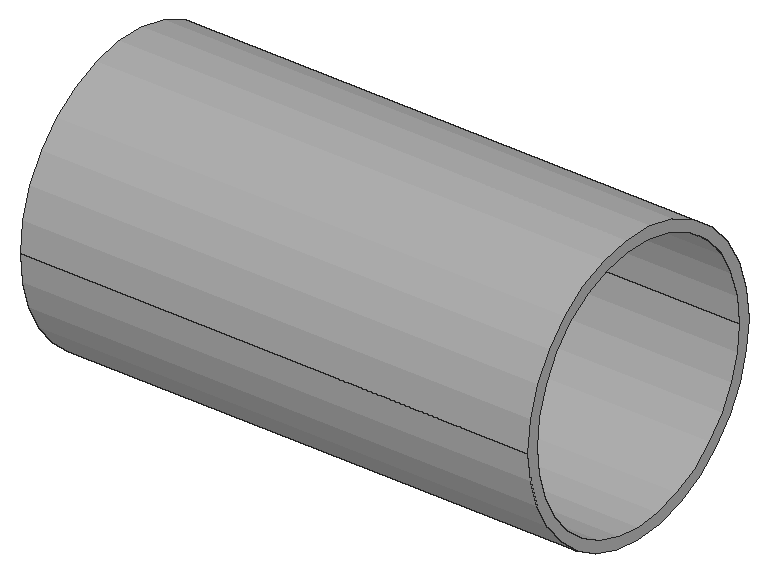
Revit family "Steel Framing Circular Hollow Sections", category Structural Framing, Revit 2015
Parameters (values of type "KR660x25")
  t = 25 mm
  W = 3.8736
  Structural Material [instance] = Steel
  Length [instance] = 1500 mm
  Diameter = 660 mm
  Assembly Code = ""
  A = 0.0499 m²
Reference planes
  plane 1 "Center (Front/Back)": y = 0
  plane 2: z = 0
  plane 3 "Center (Left/Right)": x = 4.61
  plane 4 "Member Left": x = -604.99
  plane 5 "Member Right": x = 614.21
  plane 6: y = 330
  plane 7: y = -330
  plane 8 "Top": z = 330
  plane 9: z = -330
  plane 10 "Left": x = -757.39
  plane 11 "Right": x = 742.61
Forms (mm)
  Extrusion 1, solid, material "Steel" <- "Structural Material", detail levels medium+fine
    sketch origin (4.61, 0, 0) x (0, 1, 0) y (0, 0, 1)
      loop
        circle (0, 0) r 330
      loop
        circle (0, 0) r 305
    from -609.6 to 609.6
Lines and regions (mm)
  symbolic lines, style "Stick Symbols", detail levels coarse
    curve 1: arc (0, 330, 0) -> (0, 0, -330) -> (0, -330, 0) r 330
    curve 2: arc (0, -330, 0) -> (0, 0, 330) -> (0, 330, 0) r 330
Dimensions and locks
  "Diameter": plane 6 to plane 7
  "Diameter": plane 9 to plane 8 "Top"
  equal spacing: plane 9, plane 2, plane 8 "Top"
  equal spacing: plane 6, plane 1 "Center (Front/Back)", plane 7
  "Length": plane 10 "Left" to plane 11 "Right"
  "t": plane 6 to Extrusion 1 sketch curve
  "t": Extrusion 1 sketch curve to plane 7
  aligned and locked: plane 4 "Member Left" to Extrusion 1
  aligned and locked: Extrusion 1 to plane 5 "Member Right"
Automatic sketch dimensions
  curve 1 to level = 0 mm
  curve 1 to plane 7 = 0 mm
  curve 1 to plane 1 "Center (Front/Back)" = 0 mm
  Extrusion 1 sketch curve to Extrusion 1 sketch curve = 0 mm  (x2)
  Extrusion 1 sketch curve to level = 0 mm
  Extrusion 1 sketch curve to plane 7 = 0 mm
Types in the file's own list only (352): name | t | W | Diameter | A
  KR20x2 | 2 mm | 0.008728 | 20 mm | 0.00 m²
  KR20x2.3 | 2 mm | 0.009807 | 20 mm | 0.00 m²
  KR20x2.6 | 3 mm | 0.010885 | 20 mm | 0.00 m²
  KR20x2.9 | 3 mm | 0.011964 | 20 mm | 0.00 m²
  KR20x3.2 | 3 mm | 0.013043 | 20 mm | 0.00 m²
  KR20x3.6 | 4 mm | 0.01422 | 20 mm | 0.00 m²
  KR20x4 | 4 mm | 0.015495 | 20 mm | 0.00 m²
  KR20x4.5 | 5 mm | 0.016769 | 20 mm | 0.00 m²
  KR20x5 | 5 mm | 0.018142 | 20 mm | 0.00 m²
  KR25x2 | 2 mm | 0.011082 | 25 mm | 0.00 m²
  KR25x2.3 | 2 mm | 0.012651 | 25 mm | 0.00 m²
  KR25x2.6 | 3 mm | 0.014122 | 25 mm | 0.00 m²
  KR25x2.9 | 3 mm | 0.015495 | 25 mm | 0.00 m²
  KR25x3.2 | 3 mm | 0.016867 | 25 mm | 0.00 m²
  KR25x3.6 | 4 mm | 0.018633 | 25 mm | 0.00 m²
  KR25x4 | 4 mm | 0.0203 | 25 mm | 0.00 m²
  KR25x4.5 | 5 mm | 0.022359 | 25 mm | 0.00 m²
  KR25x5 | 5 mm | 0.024222 | 25 mm | 0.00 m²
  KR25x5.6 | 6 mm | 0.026282 | 25 mm | 0.00 m²
  KR25x6.3 | 6 mm | 0.028537 | 25 mm | 0.00 m²
  KR30x2.6 | 3 mm | 0.01726 | 30 mm | 0.00 m²
  KR30x2.9 | 3 mm | 0.019025 | 30 mm | 0.00 m²
  KR30x3.2 | 3 mm | 0.020692 | 30 mm | 0.00 m²
  KR30x3.6 | 4 mm | 0.023046 | 30 mm | 0.00 m²
  KR30x4 | 4 mm | 0.025203 | 30 mm | 0.00 m²
  KR30x4.5 | 5 mm | 0.027753 | 30 mm | 0.00 m²
  KR30x5 | 5 mm | 0.030204 | 30 mm | 0.00 m²
  KR30x5.6 | 6 mm | 0.033048 | 30 mm | 0.00 m²
  KR30x6.3 | 6 mm | 0.036285 | 30 mm | 0.00 m²
  KR30x7.1 | 7 mm | 0.039521 | 30 mm | 0.00 m²
  KR30x8 | 8 mm | 0.042561 | 30 mm | 0.00 m²
  KR38x2.6 | 3 mm | 0.022457 | 38 mm | 0.00 m²
  KR38x2.9 | 3 mm | 0.024615 | 38 mm | 0.00 m²
  KR38x3.2 | 3 mm | 0.026968 | 38 mm | 0.00 m²
  KR38x3.6 | 4 mm | 0.02991 | 38 mm | 0.00 m²
  KR38x4 | 4 mm | 0.032852 | 38 mm | 0.00 m²
  KR38x4.5 | 5 mm | 0.036481 | 38 mm | 0.00 m²
  KR38x5 | 5 mm | 0.039913 | 38 mm | 0.00 m²
  KR38x5.6 | 6 mm | 0.043836 | 38 mm | 0.00 m²
  KR38x6.3 | 6 mm | 0.048543 | 38 mm | 0.00 m²
  KR38x7.1 | 7 mm | 0.05325 | 38 mm | 0.00 m²
  KR38x8 | 8 mm | 0.057957 | 38 mm | 0.00 m²
  KR38x8.8 | 9 mm | 0.062076 | 38 mm | 0.00 m²
  KR38x10 | 10 mm | 0.067764 | 38 mm | 0.00 m²
  KR51x2.6 | 3 mm | 0.030597 | 51 mm | 0.00 m²
  KR51x2.9 | 3 mm | 0.033735 | 51 mm | 0.00 m²
  KR51x3.2 | 3 mm | 0.037069 | 51 mm | 0.00 m²
  KR51x3.6 | 4 mm | 0.041286 | 51 mm | 0.00 m²
  KR51x4 | 4 mm | 0.045503 | 51 mm | 0.00 m²
  KR51x4.5 | 5 mm | 0.050602 | 51 mm | 0.00 m²
  KR51x5 | 5 mm | 0.055702 | 51 mm | 0.00 m²
  KR51x5.6 | 6 mm | 0.061488 | 51 mm | 0.00 m²
  KR51x6.3 | 6 mm | 0.068156 | 51 mm | 0.00 m²
  KR51x7.1 | 7 mm | 0.075413 | 51 mm | 0.00 m²
  KR51x8 | 8 mm | 0.08267 | 51 mm | 0.00 m²
  KR51x8.8 | 9 mm | 0.089241 | 51 mm | 0.00 m²
  KR51x10 | 10 mm | 0.099047 | 51 mm | 0.00 m²
  KR51x11 | 11 mm | 0.106892 | 51 mm | 0.00 m²
  KR51x12.5 | 13 mm | 0.116699 | 51 mm | 0.00 m²
  KR51x14.2 | 14 mm | 0.126506 | 51 mm | 0.00 m²
  KR60.3x2.9 | 3 mm | 0.0406 | 60 mm | 0.00 m²
  KR60.3x3.2 | 3 mm | 0.044228 | 60 mm | 0.00 m²
  KR60.3x3.6 | 4 mm | 0.049327 | 60 mm | 0.00 m²
  KR60.3x4 | 4 mm | 0.054427 | 60 mm | 0.00 m²
  KR60.3x4.5 | 5 mm | 0.060703 | 60 mm | 0.00 m²
  KR60.3x5 | 5 mm | 0.066881 | 60 mm | 0.00 m²
  KR60.3x5.6 | 6 mm | 0.07404 | 60 mm | 0.00 m²
  KR60.3x6.3 | 6 mm | 0.082376 | 60 mm | 0.00 m²
  KR60.3x7.1 | 7 mm | 0.091594 | 60 mm | 0.00 m²
  KR60.3x8 | 8 mm | 0.100812 | 60 mm | 0.00 m²
  KR60.3x8.8 | 9 mm | 0.109344 | 60 mm | 0.00 m²
  KR60.3x10 | 10 mm | 0.121602 | 60 mm | 0.00 m²
  KR60.3x11 | 11 mm | 0.131409 | 60 mm | 0.00 m²
  KR60.3x12.5 | 13 mm | 0.145138 | 60 mm | 0.00 m²
  KR60.3x14.2 | 14 mm | 0.158868 | 60 mm | 0.00 m²
  KR60.3x16 | 16 mm | 0.170636 | 60 mm | 0.00 m²
  KR70x2.9 | 3 mm | 0.047366 | 70 mm | 0.00 m²
  KR70x3.2 | 3 mm | 0.051779 | 70 mm | 0.00 m²
  KR70x3.6 | 4 mm | 0.057859 | 70 mm | 0.00 m²
  KR70x4 | 4 mm | 0.063841 | 70 mm | 0.00 m²
  KR70x4.5 | 5 mm | 0.071294 | 70 mm | 0.00 m²
  KR70x5 | 5 mm | 0.078551 | 70 mm | 0.00 m²
  KR70x5.6 | 6 mm | 0.086985 | 70 mm | 0.00 m²
  KR70x6.3 | 6 mm | 0.096988 | 70 mm | 0.00 m²
  KR70x7.1 | 7 mm | 0.107775 | 70 mm | 0.00 m²
  KR70x8 | 8 mm | 0.120131 | 70 mm | 0.00 m²
  KR70x8.8 | 9 mm | 0.130134 | 70 mm | 0.00 m²
  KR70x10 | 10 mm | 0.144746 | 70 mm | 0.00 m²
  KR70x11 | 11 mm | 0.156906 | 70 mm | 0.00 m²
  KR70x12.5 | 13 mm | 0.174558 | 70 mm | 0.00 m²
  KR70x14.2 | 14 mm | 0.19221 | 70 mm | 0.00 m²
  KR70x16 | 16 mm | 0.207901 | 70 mm | 0.00 m²
  KR70x17.5 | 18 mm | 0.22163 | 70 mm | 0.00 m²
  KR82.5x3.2 | 3 mm | 0.06188 | 83 mm | 0.00 m²
  KR82.5x3.6 | 4 mm | 0.069235 | 83 mm | 0.00 m²
  KR82.5x4 | 4 mm | 0.076492 | 83 mm | 0.00 m²
  KR82.5x4.5 | 5 mm | 0.084631 | 83 mm | 0.00 m²
  KR82.5x5 | 5 mm | 0.093752 | 83 mm | 0.00 m²
  KR82.5x5.6 | 6 mm | 0.10395 | 83 mm | 0.00 m²
  KR82.5x6.3 | 6 mm | 0.116699 | 83 mm | 0.00 m²
  KR82.5x7.1 | 7 mm | 0.129448 | 83 mm | 0.00 m²
  KR82.5x8 | 8 mm | 0.143177 | 83 mm | 0.00 m²
  KR82.5x8.8 | 9 mm | 0.155926 | 83 mm | 0.00 m²
  KR82.5x10 | 10 mm | 0.175539 | 83 mm | 0.00 m²
  KR82.5x11 | 11 mm | 0.19123 | 83 mm | 0.00 m²
  KR82.5x12.5 | 13 mm | 0.212804 | 83 mm | 0.00 m²
  KR82.5x14.2 | 14 mm | 0.23536 | 83 mm | 0.00 m²
  KR82.5x16 | 16 mm | 0.256934 | 83 mm | 0.00 m²
  KR82.5x17.5 | 18 mm | 0.274586 | 83 mm | 0.00 m²
  KR82.5x20 | 20 mm | 0.302045 | 83 mm | 0.00 m²
  KR82.5x22.2 | 22 mm | 0.323619 | 83 mm | 0.00 m²
  KR88.9x3.2 | 3 mm | 0.066783 | 89 mm | 0.00 m²
  KR88.9x3.6 | 4 mm | 0.074334 | 89 mm | 0.00 m²
  KR88.9x4 | 4 mm | 0.082376 | 89 mm | 0.00 m²
  KR88.9x4.5 | 5 mm | 0.091594 | 89 mm | 0.00 m²
  KR88.9x5 | 5 mm | 0.101597 | 89 mm | 0.00 m²
  KR88.9x5.6 | 6 mm | 0.113169 | 89 mm | 0.00 m²
  KR88.9x6.3 | 6 mm | 0.125525 | 89 mm | 0.00 m²
  KR88.9x7.1 | 7 mm | 0.140137 | 89 mm | 0.00 m²
  KR88.9x8 | 8 mm | 0.156318 | 89 mm | 0.00 m²
  KR88.9x8.8 | 9 mm | 0.170145 | 89 mm | 0.00 m²
  KR88.9x10 | 10 mm | 0.190935 | 89 mm | 0.00 m²
  KR88.9x11 | 11 mm | 0.207116 | 89 mm | 0.00 m²
  KR88.9x12.5 | 13 mm | 0.230947 | 89 mm | 0.00 m²
  KR88.9x14.2 | 14 mm | 0.256934 | 89 mm | 0.00 m²
  KR88.9x16 | 16 mm | 0.281451 | 89 mm | 0.00 m²
  KR88.9x17.5 | 18 mm | 0.302045 | 89 mm | 0.00 m²
  KR88.9x20 | 20 mm | 0.333426 | 89 mm | 0.00 m²
  KR88.9x20.2 | 20 mm | 0.357943 | 89 mm | 0.00 m²
  KR101.6x3.6 | 4 mm | 0.085416 | 102 mm | 0.00 m²
  KR101.6x4 | 4 mm | 0.094732 | 102 mm | 0.00 m²
  KR101.6x4.5 | 5 mm | 0.105421 | 102 mm | 0.00 m²
  KR101.6x5 | 5 mm | 0.116993 | 102 mm | 0.00 m²
  KR101.6x5.6 | 6 mm | 0.130134 | 102 mm | 0.00 m²
  KR101.6x6.3 | 6 mm | 0.145531 | 102 mm | 0.00 m²
  KR101.6x7.1 | 7 mm | 0.162398 | 102 mm | 0.00 m²
  KR101.6x8 | 8 mm | 0.180933 | 102 mm | 0.00 m²
  KR101.6x8.8 | 9 mm | 0.1978 | 102 mm | 0.00 m²
  KR101.6x10 | 10 mm | 0.221728 | 102 mm | 0.00 m²
  KR101.6x11 | 11 mm | 0.240949 | 102 mm | 0.00 m²
  KR101.6x12.5 | 13 mm | 0.269487 | 102 mm | 0.00 m²
  KR101.6x14.2 | 14 mm | 0.30028 | 102 mm | 0.00 m²
  KR101.6x16 | 16 mm | 0.330484 | 102 mm | 0.00 m²
  KR101.6x17.5 | 18 mm | 0.355001 | 102 mm | 0.00 m²
  KR101.6x20 | 20 mm | 0.394227 | 102 mm | 0.01 m²
  KR101.6x22.2 | 22 mm | 0.426589 | 102 mm | 0.01 m²
  KR101.6x25 | 25 mm | 0.465816 | 102 mm | 0.01 m²
  KR127x4 | 4 mm | 0.119641 | 127 mm | 0.00 m²
  KR127x4.5 | 5 mm | 0.13239 | 127 mm | 0.00 m²
  KR127x5 | 5 mm | 0.1471 | 127 mm | 0.00 m²
  KR127x5.6 | 6 mm | 0.163771 | 127 mm | 0.00 m²
  KR127x6.3 | 6 mm | 0.184365 | 127 mm | 0.00 m²
  KR127x7.1 | 7 mm | 0.20594 | 127 mm | 0.00 m²
  KR127x8 | 8 mm | 0.229476 | 127 mm | 0.00 m²
  KR127x8.8 | 9 mm | 0.25007 | 127 mm | 0.00 m²
  KR127x10 | 10 mm | 0.283412 | 127 mm | 0.00 m²
  KR127x11 | 11 mm | 0.30989 | 127 mm | 0.00 m²
  KR127x12.5 | 13 mm | 0.348136 | 127 mm | 0.00 m²
  KR127x14.2 | 14 mm | 0.388343 | 127 mm | 0.01 m²
  KR127x16 | 16 mm | 0.42757 | 127 mm | 0.01 m²
  KR127x17.5 | 18 mm | 0.462874 | 127 mm | 0.01 m²
  KR127x20 | 20 mm | 0.517791 | 127 mm | 0.01 m²
  KR127x22.2 | 22 mm | 0.562902 | 127 mm | 0.01 m²
  KR127x25 | 25 mm | 0.61978 | 127 mm | 0.01 m²
  KR139.7x4 | 4 mm | 0.131605 | 140 mm | 0.00 m²
  KR139.7x4.5 | 5 mm | 0.147002 | 140 mm | 0.00 m²
  KR139.7x5 | 5 mm | 0.163183 | 140 mm | 0.00 m²
  KR139.7x5.6 | 6 mm | 0.181717 | 140 mm | 0.00 m²
  KR139.7x6.3 | 6 mm | 0.203194 | 140 mm | 0.00 m²
  KR139.7x7.1 | 7 mm | 0.227907 | 140 mm | 0.00 m²
  KR139.7x8 | 8 mm | 0.254777 | 140 mm | 0.00 m²
  KR139.7x8.8 | 9 mm | 0.278705 | 140 mm | 0.00 m²
  KR139.7x10 | 10 mm | 0.313322 | 140 mm | 0.00 m²
  KR139.7x11 | 11 mm | 0.342546 | 140 mm | 0.00 m²
  KR139.7x12.5 | 13 mm | 0.384911 | 140 mm | 0.01 m²
  KR139.7x14.2 | 14 mm | 0.4311 | 140 mm | 0.01 m²
  KR139.7x16 | 16 mm | 0.478859 | 140 mm | 0.01 m²
  KR139.7x17.5 | 18 mm | 0.51681 | 140 mm | 0.01 m²
  KR139.7x20 | 20 mm | 0.578592 | 140 mm | 0.01 m²
  KR139.7x22.2 | 22 mm | 0.630568 | 140 mm | 0.01 m²
  KR139.7x25 | 25 mm | 0.697253 | 140 mm | 0.01 m²
  KR152.4x4.5 | 5 mm | 0.160829 | 152 mm | 0.00 m²
  KR152.4x5 | 5 mm | 0.178481 | 152 mm | 0.00 m²
  KR152.4x5.6 | 6 mm | 0.198094 | 152 mm | 0.00 m²
  KR152.4x6.3 | 6 mm | 0.223592 | 152 mm | 0.00 m²
  KR152.4x7.1 | 7 mm | 0.25007 | 152 mm | 0.00 m²
  KR152.4x8 | 8 mm | 0.278509 | 152 mm | 0.00 m²
  KR152.4x8.8 | 9 mm | 0.304006 | 152 mm | 0.00 m²
  KR152.4x10 | 10 mm | 0.344213 | 152 mm | 0.00 m²
  KR152.4x11 | 11 mm | 0.377556 | 152 mm | 0.00 m²
  KR152.4x12.5 | 13 mm | 0.425609 | 152 mm | 0.01 m²
  KR152.4x14.2 | 14 mm | 0.475623 | 152 mm | 0.01 m²
  KR152.4x16 | 16 mm | 0.525636 | 152 mm | 0.01 m²
  KR152.4x17.5 | 18 mm | 0.569766 | 152 mm | 0.01 m²
  KR152.4x20 | 20 mm | 0.640374 | 152 mm | 0.01 m²
  KR152.4x22.2 | 22 mm | 0.699214 | 152 mm | 0.01 m²
  KR152.4x25 | 25 mm | 0.774725 | 152 mm | 0.01 m²
  KR159x4.5 | 5 mm | 0.167792 | 159 mm | 0.00 m²
  KR159x5 | 5 mm | 0.186326 | 159 mm | 0.00 m²
  KR159x5.6 | 6 mm | 0.207901 | 159 mm | 0.00 m²
  KR159x6.3 | 6 mm | 0.232516 | 159 mm | 0.00 m²
  KR159x7.1 | 7 mm | 0.260955 | 159 mm | 0.00 m²
  KR159x8 | 8 mm | 0.292532 | 159 mm | 0.00 m²
  KR159x8.8 | 9 mm | 0.319501 | 159 mm | 0.00 m²
  KR159x10 | 10 mm | 0.360296 | 159 mm | 0.00 m²
  KR159x11 | 11 mm | 0.393345 | 159 mm | 0.01 m²
  KR159x12.5 | 13 mm | 0.442672 | 159 mm | 0.01 m²
  KR159x14.2 | 14 mm | 0.497295 | 159 mm | 0.01 m²
  KR159x16 | 16 mm | 0.553487 | 159 mm | 0.01 m²
  KR159x17.5 | 18 mm | 0.598892 | 159 mm | 0.01 m²
  KR159x20.2 | 20 mm | 0.672736 | 159 mm | 0.01 m²
  KR159x22.2 | 22 mm | 0.733537 | 159 mm | 0.01 m²
  KR159x25 | 25 mm | 0.813952 | 159 mm | 0.01 m²
  KR177.8x5 | 5 mm | 0.208882 | 178 mm | 0.00 m²
  KR177.8x5.6 | 6 mm | 0.232418 | 178 mm | 0.00 m²
  KR177.8x6.3 | 6 mm | 0.261838 | 178 mm | 0.00 m²
  KR177.8x7.1 | 7 mm | 0.2942 | 178 mm | 0.00 m²
  KR177.8x8 | 8 mm | 0.327542 | 178 mm | 0.00 m²
  KR177.8x8.8 | 9 mm | 0.357943 | 178 mm | 0.00 m²
  KR177.8x10 | 10 mm | 0.405995 | 178 mm | 0.01 m²
  KR177.8x11 | 11 mm | 0.445222 | 178 mm | 0.01 m²
  KR177.8x12.5 | 13 mm | 0.503081 | 178 mm | 0.01 m²
  KR177.8x14.2 | 14 mm | 0.562902 | 178 mm | 0.01 m²
  KR177.8x16 | 16 mm | 0.623703 | 178 mm | 0.01 m²
  KR177.8x17.5 | 18 mm | 0.67764 | 178 mm | 0.01 m²
  KR177.8x20 | 20 mm | 0.762957 | 178 mm | 0.01 m²
  KR177.8x22.2 | 22 mm | 0.835527 | 178 mm | 0.01 m²
  KR177.8x25 | 25 mm | 0.92967 | 178 mm | 0.01 m²
  KR193.7x5.4 | 5 mm | 0.245166 | 194 mm | 0.00 m²
  KR193.7x5.6 | 6 mm | 0.253992 | 194 mm | 0.00 m²
  KR193.7x6.3 | 6 mm | 0.28557 | 194 mm | 0.00 m²
  KR193.7x7.1 | 7 mm | 0.320285 | 194 mm | 0.00 m²
  KR193.7x8 | 8 mm | 0.359512 | 194 mm | 0.00 m²
  KR193.7x8.8 | 9 mm | 0.393345 | 194 mm | 0.01 m²
  KR193.7x10 | 10 mm | 0.444143 | 194 mm | 0.01 m²
  KR193.7x11 | 11 mm | 0.485723 | 194 mm | 0.01 m²
  KR193.7x12.5 | 13 mm | 0.548094 | 194 mm | 0.01 m²
  KR193.7x14.2 | 14 mm | 0.616642 | 194 mm | 0.01 m²
  KR193.7x16 | 16 mm | 0.687446 | 194 mm | 0.01 m²
  KR193.7x17.5 | 18 mm | 0.745992 | 194 mm | 0.01 m²
  KR193.7x20 | 20 mm | 0.839057 | 194 mm | 0.01 m²
  KR193.7x22.2 | 22 mm | 0.920844 | 194 mm | 0.01 m²
  KR193.7x25 | 25 mm | 1.029698 | 194 mm | 0.01 m²
  KR219.1x5.9 | 6 mm | 0.304006 | 219 mm | 0.00 m²
  KR219.1x6.3 | 6 mm | 0.32411 | 219 mm | 0.00 m²
  KR219.1x7.1 | 7 mm | 0.364121 | 219 mm | 0.00 m²
  KR219.1x8 | 8 mm | 0.408741 | 219 mm | 0.01 m²
  KR219.1x8.8 | 9 mm | 0.447281 | 219 mm | 0.01 m²
  KR219.1x10 | 10 mm | 0.505729 | 219 mm | 0.01 m²
  KR219.1x11 | 11 mm | 0.553487 | 219 mm | 0.01 m²
  KR219.1x12.5 | 13 mm | 0.624291 | 219 mm | 0.01 m²
  KR219.1x14.2 | 14 mm | 0.703627 | 219 mm | 0.01 m²
  KR219.1x16 | 16 mm | 0.785218 | 219 mm | 0.01 m²
  KR219.1x17.5 | 18 mm | 0.854551 | 219 mm | 0.01 m²
  KR219.1x20 | 20 mm | 0.962228 | 219 mm | 0.01 m²
  KR219.1x22.2 | 22 mm | 1.054607 | 219 mm | 0.01 m²
  KR219.1x25 | 25 mm | 1.176798 | 219 mm | 0.02 m²
  KR244.5x6.3 | 6 mm | 0.363827 | 245 mm | 0.00 m²
  KR244.5x7.1 | 7 mm | 0.407957 | 245 mm | 0.01 m²
  KR244.5x8 | 8 mm | 0.457284 | 245 mm | 0.01 m²
  KR244.5x8.8 | 9 mm | 0.501904 | 245 mm | 0.01 m²
  KR244.5x10 | 10 mm | 0.567315 | 245 mm | 0.01 m²
  KR244.5x11 | 11 mm | 0.621251 | 245 mm | 0.01 m²
  KR244.5x12.5 | 13 mm | 0.701274 | 245 mm | 0.01 m²
  KR244.5x14.2 | 14 mm | 0.792966 | 245 mm | 0.01 m²
  KR244.5x16 | 16 mm | 0.885344 | 245 mm | 0.01 m²
  KR244.5x17.5 | 18 mm | 0.962228 | 245 mm | 0.01 m²
  KR244.5x20 | 20 mm | 1.0854 | 245 mm | 0.01 m²
  KR244.5x22.2 | 22 mm | 1.193273 | 245 mm | 0.02 m²
  KR244.5x25 | 25 mm | 1.333704 | 245 mm | 0.02 m²
  KR298.5x7.1 | 7 mm | 0.50112 | 299 mm | 0.01 m²
  KR298.5x8 | 8 mm | 0.55996 | 299 mm | 0.01 m²
  KR298.5x8.8 | 9 mm | 0.613896 | 299 mm | 0.01 m²
  KR298.5x10 | 10 mm | 0.697253 | 299 mm | 0.01 m²
  KR298.5x11 | 11 mm | 0.767861 | 299 mm | 0.01 m²
  KR298.5x12.5 | 13 mm | 0.870831 | 299 mm | 0.01 m²
  KR298.5x14.2 | 14 mm | 0.978704 | 299 mm | 0.01 m²
  KR298.5x16 | 16 mm | 1.088538 | 299 mm | 0.01 m²
  KR298.5x17.5 | 18 mm | 1.186605 | 299 mm | 0.02 m²
  KR298.5x20 | 20 mm | 1.343511 | 299 mm | 0.02 m²
  KR298.5x22.2 | 22 mm | 1.480804 | 299 mm | 0.02 m²
  KR298.5x25 | 25 mm | 1.667131 | 299 mm | 0.02 m²
  KR323.9x7.1 | 7 mm | 0.54525 | 324 mm | 0.01 m²
  KR323.9x8 | 8 mm | 0.611248 | 324 mm | 0.01 m²
  KR323.9x8.8 | 9 mm | 0.670481 | 324 mm | 0.01 m²
  KR323.9x10 | 10 mm | 0.759035 | 324 mm | 0.01 m²
  KR323.9x11 | 11 mm | 0.831408 | 324 mm | 0.01 m²
  KR323.9x12.5 | 13 mm | 0.939183 | 324 mm | 0.01 m²
  KR323.9x14.2 | 14 mm | 1.062354 | 324 mm | 0.01 m²
  KR323.9x16 | 16 mm | 1.193273 | 324 mm | 0.02 m²
  KR323.9x17.5 | 18 mm | 1.293301 | 324 mm | 0.02 m²
  KR323.9x20 | 20 mm | 1.470409 | 324 mm | 0.02 m²
  KR323.9x22.2 | 22 mm | 1.616626 | 324 mm | 0.02 m²
  KR323.9x25 | 25 mm | 1.809131 | 324 mm | 0.02 m²
  KR355.6x8 | 8 mm | 0.672834 | 356 mm | 0.01 m²
  KR355.6x8.8 | 9 mm | 0.738245 | 356 mm | 0.01 m²
  KR355.6x10 | 10 mm | 0.839057 | 356 mm | 0.01 m²
  KR355.6x11 | 11 mm | 0.916137 | 356 mm | 0.01 m²
  KR355.6x12.5 | 13 mm | 1.039309 | 356 mm | 0.01 m²
  KR355.6x14.2 | 14 mm | 1.170129 | 356 mm | 0.02 m²
  KR355.6x16 | 16 mm | 1.316445 | 356 mm | 0.02 m²
  KR355.6x17.5 | 18 mm | 1.431869 | 356 mm | 0.02 m²
  KR355.6x20 | 20 mm | 1.624374 | 356 mm | 0.02 m²
  KR355.6x22.2 | 22 mm | 1.793636 | 356 mm | 0.02 m²
  KR355.6x25 | 25 mm | 2.001537 | 356 mm | 0.03 m²
  KR406.4x8.8 | 9 mm | 0.846804 | 406 mm | 0.01 m²
  KR406.4x10 | 10 mm | 0.962228 | 406 mm | 0.01 m²
  KR406.4x11 | 11 mm | 1.054607 | 406 mm | 0.01 m²
  KR406.4x12.5 | 13 mm | 1.193273 | 406 mm | 0.02 m²
  KR406.4x14.2 | 14 mm | 1.347238 | 406 mm | 0.02 m²
  KR406.4x16 | 16 mm | 1.508851 | 406 mm | 0.02 m²
  KR406.4x17.5 | 18 mm | 1.647419 | 406 mm | 0.02 m²
  KR406.4x20 | 20 mm | 1.870717 | 406 mm | 0.02 m²
  KR406.4x22.2 | 22 mm | 2.063123 | 406 mm | 0.03 m²
  KR406.4x25 | 25 mm | 2.309466 | 406 mm | 0.03 m²
  KR457.2x10 | 10 mm | 1.077751 | 457 mm | 0.01 m²
  KR457.2x11 | 11 mm | 1.185526 | 457 mm | 0.02 m²
  KR457.2x12.5 | 13 mm | 1.347238 | 457 mm | 0.02 m²
  KR457.2x14.2 | 14 mm | 1.524248 | 457 mm | 0.02 m²
  KR457.2x16 | 16 mm | 1.709005 | 457 mm | 0.02 m²
  KR457.2x17.5 | 18 mm | 1.862969 | 457 mm | 0.02 m²
  KR457.2x20 | 20 mm | 2.11706 | 457 mm | 0.03 m²
  KR457.2x22.2 | 22 mm | 2.33261 | 457 mm | 0.03 m²
  KR457.2x25 | 25 mm | 2.609746 | 457 mm | 0.03 m²
  KR508x11 | 11 mm | 1.324094 | 508 mm | 0.02 m²
  KR508x12.5 | 13 mm | 1.501104 | 508 mm | 0.02 m²
  KR508x14.2 | 14 mm | 1.693608 | 508 mm | 0.02 m²
  KR508x16 | 16 mm | 1.901509 | 508 mm | 0.02 m²
  KR508x17.5 | 18 mm | 2.078519 | 508 mm | 0.03 m²
  KR508x20 | 20 mm | 2.363403 | 508 mm | 0.03 m²
  KR508x22.2 | 22 mm | 2.609746 | 508 mm | 0.03 m²
  KR508x25 | 25 mm | 2.917675 | 508 mm | 0.04 m²
  KR559x12.5 | 13 mm | 1.667131 | 559 mm | 0.02 m²
  KR559x14.2 | 14 mm | 1.87307 | 559 mm | 0.02 m²
  KR559x16 | 16 mm | 2.088816 | 559 mm | 0.03 m²
  KR559x17.5 | 18 mm | 2.284949 | 559 mm | 0.03 m²
  KR559x20 | 20 mm | 2.608569 | 559 mm | 0.03 m²
  KR559x22.2 | 22 mm | 2.883155 | 559 mm | 0.04 m²
  KR559x25 | 25 mm | 3.246001 | 559 mm | 0.04 m²
  KR610x12.5 | 13 mm | 1.81423 | 610 mm | 0.02 m²
  KR610x14.2 | 14 mm | 2.04959 | 610 mm | 0.03 m²
  KR610x16 | 16 mm | 2.284949 | 610 mm | 0.03 m²
  KR610x17.5 | 18 mm | 2.500696 | 610 mm | 0.03 m²
  KR610x20 | 20 mm | 2.853735 | 610 mm | 0.04 m²
  KR622x14.2 | 14 mm | 2.088816 | 622 mm | 0.03 m²
  KR622x16 | 16 mm | 2.343789 | 622 mm | 0.03 m²
  KR622x17.5 | 18 mm | 2.559536 | 622 mm | 0.03 m²
  KR622x20 | 20 mm | 2.912575 | 622 mm | 0.04 m²
  KR622x22.2 | 22 mm | 3.226388 | 622 mm | 0.04 m²
  KR622x25 | 25 mm | 3.608847 | 622 mm | 0.04 m²
  KR660x20 | 20 mm | 3.098901 | 660 mm | 0.04 m²
  KR660x22.2 | 22 mm | 3.422521 | 660 mm | 0.04 m²
